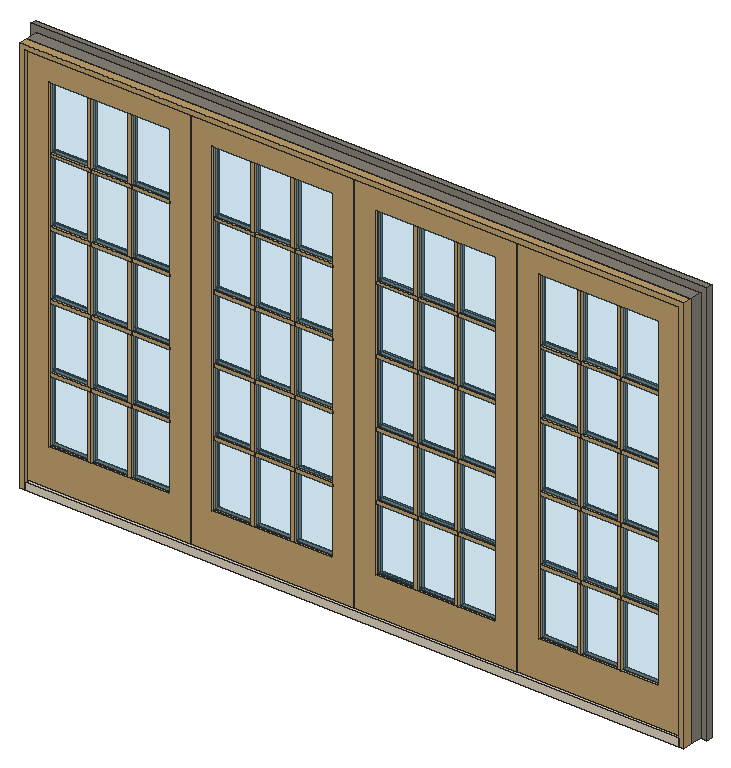
Revit family
Parameters (values of type "CUIFD12070")
  Void Offset = if(and(Casing Visibility, BMC), 0' 1 5/16", if(and(Casing Visibility, Flat Casing), 0' 3", 0' 0"))  # 0' - 1 5/16"
  URL = "www.marvin.com"
  Thickness = 0' - 1 3/4"
  Sill Material = Fiberglass_Pultrusion-Marvin-Beige
  Rough Width = Width + 0' 1"  # 12' - 0"
  Rough Height = Height + 0' 0 1/2"  # 7' - 2 1/2"
  Prairie Corner Width = 0' - 4"
  Prairie Corner Height = 0' - 4"
  Plan Swing Angle [instance] = 90.00°
  Panel Width = (Width - 0' 2 191/256") / 4  # 2' - 11.06348"
  Nominal Width = 12' - 0"
  Nominal Height = 7' - 0"
  Muntins Interior Visibility = yes
  Muntins Interior Material = Wood-Marvin-Pine
  Muntins Exterior Visibility = yes
  Muntins Exterior Material = Aluminum-Marvin-Bronze
  Model = "CUIFD12070"
  Manufacturer = "Marvin Windows and Doors"
  Lites Wide = 3
  Lites High = 5
  Lite Cut Prairie 9 = no
  Lite Cut HV Grid = not(Lite Cut Prairie 9)  # yes
  Label Visibility = no
  Jamb Extension Visibility = no
  Swing LH_RH = not(Swing Reverse LH_RH)  # yes
  Swing Reverse LH_RH = no
  OXXO Option 1 = Option Choice Constraint = 1  # yes
  XXOO_OOXX Option 2 = Option Choice Constraint = 2  # no
  OOOO Option 3 = Option Choice Constraint = 3  # no
  Note to User = "Enter Option Choice 1-3"
  Option Choice = 1
  Option Choice Constraint = if(Option Choice > 3, 3, if(Option Choice < 1, 1, Option Choice))  # 1
  Interior Material = Wood-Marvin-Pine
  Inset to Installation Flange [instance] = 0' - 1"
  Height = if(Nominal Height = 6' 6", Nominal Height + 0' 1 1/2", if(Nominal Height = 8' 0", Nominal Height - 0' 0 1/2", Nominal Height + 0' 2"))  # 7' - 2"
  Wall Closure = (empty or 0)
  Width = Nominal Width - 0' 1"  # 11' - 11"
  Glazing Material = Glass-Marvin-IG Low E II with Argon
  Glass Type = "IG Low E II with Argon"
  Function = 1
  Frame = "Aluminum Clad"
  Flat Casing Visibility = and(Casing Visibility, Flat Casing)  # no
  Family created by = "www.rbuiltcomponents.com"
  Door Type = "Clad Ultimate Inswing French Door"
  Design Pressure = "DP40"
  Description = "14484 FR DOOR"
  Daylight Area = DLO Width * DLO Height * 4  # 49.8564 SF
  DLO Width = Panel Width - 0' 9 15/32"  # 2' - 1.59473"
  DLO Height = if(Bottom Rail Traditional, Height - 1' 3 7/8", Height - 1' 0 13/32")  # 5' - 10 1/8"
  Cladding Material = Aluminum-Marvin-Bronze
  Casing Width = if(BMC, 0' 1 5/16", 0' 3")  # 0' - 1 5/16"
  Casing Visibility = yes
  Bottom Rail Traditional = not(Bottom Rail Contemporary)  # yes
  Bottom Rail Contemporary = no
  Bottom Rail = if(Bottom Rail Traditional, 0' 9 31/32", 0' 6 1/2")  # 0' - 9 31/32"
  BMC Visibility = and(Casing Visibility, BMC)  # yes
  BMC = yes
  Flat Casing = not(BMC)  # no
  Assembly Code = ""
Reference planes (in)
  plane 1 "Center (Front/Back)": y = 0
  plane 2 "Center (Left/Right)": x = 0
  plane 3 "Left": x = -71.5
  plane 4 "Right": x = 71.5
  plane 5 "Top": z = 86
  plane 6 "Exterior": y = 3
  plane 7 "Interior": y = -3
  plane 8 "Inset": y = 2
  plane 9 "Glazing": y = -0.71875
  plane 10: x = -65.57813
  plane 11: x = 30.40527
  plane 12: z = 80.0625
  plane 13: z = 9.96875
  plane 14 "Jamb Ext Face": y = -2.5625
  plane 15: x = 4.81055
  plane 16: x = -39.9834
  plane 17: x = -52.78076
  plane 18: x = 17.60791
  plane 19 "Void offset": z = 87.3125
  plane 20 "Casing": z = 87.3125
  plane 21: x = 39.9834
  plane 22: x = 65.57812
  plane 23: x = 52.78076
  plane 24: z = 43
  plane 25: x = -30.40527
  plane 26: x = -4.81055
  plane 27: x = -17.60791
  plane 28: y = -2.59375
Forms (in)
  Sweep 1, solid, material "Aluminum-Marvin-Bronze" <- "Cladding Material"
    path origin (0, -0.71875, 0) x (1, 0, 0) y (0, 0, 1)
      loop
        line (-71.5, 0) -> (-71.5, 86) -> (71.5, 86) -> (71.5, 0)
    profile "Clad_Frame : Clad_Frame" origin (-71.5, -0.71875, 43) x (-1, 0, 0) y (0, -1, 0)
      loop
        line (0, -3.8125) -> (0, 0) -> (-1.06374, 0) -> (-1.06374, -0.53244) -> (-1.77792, -0.53244)
        arc (-1.77792, -0.53244) -> (-1.63018, -1.76415) -> (-1.51551, -2.99937) r 46.27589
        line (-1.51551, -2.99937) -> (-0.93767, -2.99937) -> (-0.93767, -3.10585) -> (-0.67848, -3.10585) -> (-0.67848, -3.8125) -> (0, -3.8125)
  Sweep 2, solid, material "Wood-Marvin-Pine" <- "Interior Material"
    path origin (0, -0.71875, 0) x (1, 0, 0) y (0, 0, 1)
      loop
        line (-71.5, 0) -> (-71.5, 86) -> (71.5, 86) -> (71.5, 0)
    profile "Int_Frame : Int_Frame" origin (-71.5, -0.71875, 43) x (-1, 0, 0) y (0, -1, 0)
      loop
        line (0, 0) -> (0, 1.84375) -> (-1.06374, 1.84375) -> (-1.06374, 0) -> (0, 0)
  Sweep 3, solid, material "Fiberglass_Pultrusion-Marvin-Beige" <- "Sill Material"
    path origin (0, 2, 0) x (1, 0, 0) y (0, 0, 1)
      loop
        line (70.82152, 0) -> (-70.82152, 0)
    profile "Sill : Sill" origin (0, 2, 0) x (0, 0, -1) y (0, -1, 0)
      loop
        line (-0.5775, -1.09375) -> (0, -1.09375) -> (0, 4.5625) -> (-1.57253, 4.5625) -> (-1.3105, 2.06948) -> (-2.005, 2.06948) -> (-2.005, 1.63198) -> (-1.5375, 1.63198) -> (-1.37091, 0.04698) -> (-0.5775, 0.04698) -> (-0.5775, -1.09375)
  Extrusion 4, solid, material "Wood-Marvin-Pine" <- "Interior Material", visible <- "Jamb Extension Visibility", detail levels medium+fine
    sketch origin (0, -2.5625, 0) x (1, 0, 0) y (0, 0, 1)
      loop
        line (-71.5, 0) -> (-70.8125, 0) -> (-70.8125, 85.3125) -> (70.8125, 85.3125) -> (70.8125, 0) -> (71.5, 0) -> (71.5, 86) -> (-71.5, 86) -> (-71.5, 0)
    from 0.03125 to 0.4375
  Extrusion 5, void
    sketch origin (0, 0, 0) x (1, 0, 0) y (0, 1, 0)
      loop
        line (-71.5, 2) -> (-71.5, -3) -> (71.5, -3) -> (71.5, 2) -> (-71.5, 2)
    from 86 to 0
  Extrusion 6, void
    sketch origin (0, 0, 0) x (1, 0, 0) y (0, 1, 0)
      loop
        line (-72.8125, 3.125) -> (-72.8125, 2) -> (72.8125, 2) -> (72.8125, 3.125) -> (-72.8125, 3.125)
    from 87.3125 to 0
  Sweep 7, void
    path origin (0, -2.5625, 0) x (1, 0, 0) y (0, 0, 1)
      loop
        line (-70.8125, 1.57253) -> (-70.8125, 0)
    profile "Sill_Void : Sill_Void" origin (-70.8125, -2.5625, 0.78626) x (1, 0, 0) y (0, -1, 0)
      loop
        line (0, -4.95658) -> (0.25918, -4.95658) -> (0.25918, -4.8501) -> (0.83703, -4.8501)
        arc (0.83703, -4.8501) -> (0.9517, -3.61487) -> (1.09944, -2.38317) r 46.27589
        line (1.09944, -2.38317) -> (0.38526, -2.38317) -> (0.38526, 0.11683) -> (-0.125, 0.11683) -> (-0.125, -2.38317) -> (0, -2.38317) -> (0, -4.95658)
  Sweep 8, void
    path origin (0, -2.5625, 0) x (-1, 0, 0) y (0, 0, 1)
      loop
        line (-70.8125, 1.57253) -> (-70.8125, 0)
    profile "Sill_Void : Sill_Void" origin (70.8125, -2.5625, 0.78626) x (1, 0, 0) y (0, -1, 0)
      loop
        line (0, -4.95658) -> (0, -2.38317) -> (0.125, -2.38317) -> (0.125, 0.11683) -> (-0.38526, 0.11683) -> (-0.38526, -2.38317) -> (-1.09944, -2.38317)
        arc (-1.09944, -2.38317) -> (-0.9517, -3.61487) -> (-0.83703, -4.8501) r 46.27589
        line (-0.83703, -4.8501) -> (-0.25918, -4.8501) -> (-0.25918, -4.95658) -> (0, -4.95658)
  Sweep 9, solid, material "Aluminum-Marvin-Bronze" <- "Cladding Material"
    path origin (0, -0.71875, 0) x (1, 0, 0) y (0, 0, 1)
      loop
        line (35.2334, 2.005) -> (35.2334, 84.22208)
    profile "Mtg_Stile : Mtg_Stile" origin (35.2334, -0.71875, 43.11354) x (-1, 0, 0) y (0, -1, 0)
      loop
        line (0.71385, -0.4375) -> (-1.07915, -0.4375) -> (-0.97643, -1.4148) -> (-0.73983, -1.59299) -> (-0.62233, -2.0315) -> (0.25704, -2.0315) -> (0.37874, -1.57729) -> (0.61256, -1.4012) -> (0.71385, -0.4375)
  Sweep 10, solid, material "Aluminum-Marvin-Bronze" <- "Cladding Material"
    path origin (0, -0.71875, 0) x (-1, 0, 0) y (0, 0, 1)
      loop
        line (35.2334, 2.005) -> (35.2334, 84.22208)
    profile "Mtg_Stile : Mtg_Stile" origin (-35.2334, -0.71875, 43.11354) x (-1, 0, 0) y (0, -1, 0)
      loop
        line (-0.71385, -0.4375) -> (-0.61256, -1.4012) -> (-0.37874, -1.57729) -> (-0.25704, -2.0315) -> (0.62233, -2.0315) -> (0.73983, -1.59299) -> (0.97643, -1.4148) -> (1.07915, -0.4375) -> (-0.71385, -0.4375)
  Sweep 11, solid, material "Aluminum-Marvin-Bronze" <- "Cladding Material"
    path origin (-35.21582, -0.71875, 0) x (1, 0, 0) y (0, 0, 1)
      loop
        line (35.2334, 2.005) -> (35.2334, 84.22208)
    profile "Mtg_Stile : Mtg_Stile" origin (0.01758, -0.71875, 43.11354) x (-1, 0, 0) y (0, -1, 0)
      loop
        line (-0.96385, -0.4375) -> (-0.86256, -1.4012) -> (-0.62874, -1.57729) -> (-0.50704, -2.0315) -> (0.37233, -2.0315) -> (0.48983, -1.59299) -> (0.72643, -1.4148) -> (0.82915, -0.4375) -> (-0.96385, -0.4375)
Cuts and joins
  Sweep 7, Sweep 8 cuts Sweep 3
Lines and regions (in)
  Masking region 1
    outline origin (0, 0, 0) x (0, 1, 0) y (0, 0, 1)
      loop
        line (3.09375, 86) -> (-2.5625, 86) -> (-2.5625, 0) -> (3.09375, 0) -> (3.09375, 86)
  Masking region 2, visible <- "Jamb Extension Visibility"
    outline origin (0, 0, 0) x (1, 0, 0) y (0, 1, 0)
      loop
        line (-70.8125, -3) -> (-70.8125, -2.59375) -> (-71.5, -2.59375) -> (-71.5, -3) -> (-70.8125, -3)
  Masking region 3, visible <- "Jamb Extension Visibility"
    outline origin (0, 0, 0) x (0, 1, 0) y (-1, 0, 0)
      loop
        line (-3, -70.8125) -> (-3, -71.5) -> (-2.59375, -71.5) -> (-2.59375, -70.8125) -> (-3, -70.8125)
  Masking region 4, visible <- "Jamb Extension Visibility"
    outline origin (0, 0, 0) x (0, 1, 0) y (0, 0, 1)
      loop
        line (-2.59375, 86) -> (-3, 86) -> (-3, 0) -> (-2.59375, 0) -> (-2.59375, 86)
  symbolic lines, style "DoorsFrameMullionProjection", visible <- "Jamb Extension Visibility", detail levels coarse+medium
    curve 1: line (-71.5, -3, 0) -> (-70.8125, -3, 0)
    curve 2: line (-70.8125, -3, 0) -> (-70.8125, -2.59375, 0)
    curve 3: line (71.5, -3, 0) -> (70.8125, -3, 0)
    curve 4: line (70.8125, -3, 0) -> (70.8125, -2.59375, 0)
    curve 7: line (0, -2.59375, 85.3125) -> (0, -3, 85.3125)
    curve 8: line (0, -3, 85.3125) -> (0, -3, 86)
    curve 38: line (71.5, -3, 0) -> (71.5, -2.59375, 0)
  symbolic lines, style "Jamb Extension", visible <- "Jamb Extension Visibility", detail levels fine
    curve 5: line (0, -2.59375, 85.3125) -> (0, -3, 85.3125)
    curve 6: line (0, -3, 85.3125) -> (0, -3, 86)
  symbolic lines, style "DoorsFrameMullionProjection", detail levels coarse+medium
    curve 9: line (0, 3.09375, 86) -> (0, 3.09375, 84.93626)
    curve 10: line (0, 3.09375, 84.93626) -> (0, -2.5625, 84.93626)
    curve 11: line (0, -2.5625, 84.93626) -> (0, -2.5625, 86)
    curve 20: line (0, -0.28125, 80.0625) -> (0, -0.28125, 9.96875)
    curve 21: line (0, -2.03125, 80.0625) -> (0, -2.03125, 9.96875)
    curve 22: line (0, 3.09375, 0.5775) -> (0, 1.95302, 0.5775)
    curve 23: line (0, 1.95302, 1.625) -> (0, 1.95302, 0.5775)
    curve 24: line (0, 1.95302, 1.625) -> (0, -2.56948, 1.625)
    curve 25: line (0, -2.56948, 0) -> (0, -2.56948, 1.625)
    curve 26: line (0, 3.09375, 0) -> (0, 3.09375, 0.5775)
    curve 27: line (0, 3.09375, 0) -> (0, -2.56948, 0)
    curve 30: line (-71.5, -2.59375, 0) -> (-71.5, -3, 0)
    curve 31: line (0, 3.09375, 86) -> (0, -3, 86)
  symbolic lines, style "DoorsPanelProjection", detail levels coarse+medium
    curve 12: line (0, -0.28125, 80.0625) -> (0, -0.28125, 84.93626)
    curve 13: line (0, -2.03125, 80.0625) -> (0, -0.28125, 80.0625)
    curve 14: line (0, -2.03125, 84.93626) -> (0, -2.03125, 80.0625)
    curve 15: line (0, -0.28125, 9.96875) -> (0, -2.03125, 9.96875)
    curve 16: line (0, -0.28125, 1.8125) -> (0, -0.28125, 9.96875)
    curve 17: line (0, -2.03125, 1.8125) -> (0, -0.28125, 1.8125)
    curve 18: line (0, -2.03125, 9.96875) -> (0, -2.03125, 1.8125)
  symbolic lines, style "DoorsGlassProjection", detail levels coarse+medium
    curve 19: line (0, -1.15625, 9.96875) -> (0, -1.15625, 80.0625)
  symbolic lines, style "Elevation Swing", visible <- "XXOO_OOXX Option 2"
    curve 28: line (35.15527, -0.71875, 1.8125) -> (0.06055, -0.71875, 43)
    curve 29: line (0.06055, -0.71875, 43) -> (35.15527, -0.71875, 84.8125)
    curve 34: line (35.2334, 2, 1.8125) -> (70.32812, 2, 43)
    curve 35: line (70.32812, 2, 43) -> (35.2334, 2, 84.8125)
  symbolic lines, style "Elevation Swing", visible <- "OXXO Option 1"
    curve 32: line (0, -0.71875, 1.74144) -> (35.15527, -0.71875, 43)
    curve 33: line (35.15527, -0.71875, 43) -> (0, -0.71875, 84.88464)
    curve 36: line (0, -0.71875, 1.74144) -> (-35.15527, -0.71875, 43)
    curve 37: line (-35.15527, -0.71875, 43) -> (0, -0.71875, 84.88464)
Text (in)
  text "Exterior" at (-74.96733, 27.31104, 0), in view "Ref. Level"
  text "Interior" at (-74.96733, -25.14366, 0), in view "Ref. Level"
  text "Exterior" at (0, 40.15149, 123.01588), in view "Right"
  text "Interior" at (0, -64.39139, 123.01588), in view "Right"
  text "Interior" at (0, -31.01599, 123.00693), in view "Left"
  text "Exterior" at (0, 54.57065, 123.00693), in view "Left"
Dimensions and locks (in)
  equal spacing: plane 3 "Left", plane 2 "Center (Left/Right)", plane 4 "Right"
  "Height": level to plane 5 "Top"
  locked: plane 3 "Left" to plane 10 at 5.92188
  locked: plane 12 to plane 5 "Top" at 5.9375
  "Bottom Rail": level to plane 13
  locked: Extrusion 4 sketch curve to plane 4 "Right" at 0.6875
  locked: plane 3 "Left" to Extrusion 4 sketch curve at 0.6875
  locked: plane 5 "Top" to Extrusion 4 sketch curve at 0.6875
  locked: nested 3 to plane 9 "Glazing" at 0.8125
  "Inset to Installation Flange": host wall to plane 8 "Inset"
  locked: plane 9 "Glazing" to plane 8 "Inset" at 2.71875
  locked: plane 14 "Jamb Ext Face" to plane 8 "Inset" at 4.5625
  locked: nested 4 to host wall at 12
  equal spacing: plane 16, plane 17, plane 10
  "Void Offset": plane 19 "Void offset" to plane 5 "Top"
  "Casing Width": plane 20 "Casing" to plane 5 "Top"
  locked: Extrusion 6 sketch curve to host wall at 0.125
  "Void Offset": Extrusion 6 sketch curve to plane 3 "Left"
  "Void Offset": plane 4 "Right" to Extrusion 6 sketch curve
  locked: level to curve 24 at 1.625
  "Width": plane 3 "Left" to plane 4 "Right"
  locked: plane 11 to plane 21 at 9.57813
  locked: plane 22 to plane 4 "Right" at 5.92188
  equal spacing: plane 22, plane 23, plane 21
  "DLO Width": plane 22 to plane 21
  "DLO Width": plane 16 to plane 10
  equal spacing: level, plane 24, plane 5 "Top"
  locked: plane 3 "Left" to Sweep 7 sketch curve at 0.6875
  locked: Sweep 8 sketch curve to plane 4 "Right" at 0.6875
  locked: Sweep 8 sketch curve to level at 1.57253
  "DLO Width": plane 15 to plane 11
  equal spacing: plane 15, plane 18, plane 11
  "DLO Width": plane 26 to plane 25
  equal spacing: plane 26, plane 27, plane 25
  locked: plane 25 to plane 16 at 9.57813
  locked: plane 9 "Glazing" to nested 12 at 0.8125
  locked: plane 28 to plane 14 "Jamb Ext Face" at 0.03125
  locked: Sweep 9 sketch curve to plane 21 at 4.75
  locked: plane 15 to Sweep 11 sketch curve at 4.79297
  locked: Sweep 10 sketch curve to plane 16 at 4.75
  aligned and locked: plane 6 "Exterior" to host wall
  aligned and locked: plane 7 "Interior" to host wall
  aligned and locked: plane 3 "Left" to Sweep 1 sketch curve
  aligned and locked: level to Sweep 1 sketch curve  (x2)
  aligned and locked: Sweep 1 sketch curve to plane 5 "Top"
  aligned and locked: Sweep 1 sketch curve to plane 4 "Right"
  aligned and locked: plane 3 "Left" to Sweep 2 sketch curve
  aligned and locked: level to Sweep 2 sketch curve  (x2)
  aligned and locked: Sweep 2 sketch curve to plane 5 "Top"
  aligned and locked: Sweep 2 sketch curve to plane 4 "Right"
  aligned and locked: level to nested 1
  aligned and locked: nested 1 to plane 8 "Inset"
  aligned and locked: Sweep 3 sketch curve to level
  aligned and locked: Extrusion 4 sketch curve to plane 3 "Left"
  aligned and locked: plane 5 "Top" to Extrusion 4 sketch curve
  aligned and locked: plane 4 "Right" to Extrusion 4 sketch curve
  aligned and locked: level to Extrusion 4 sketch curve  (x2)
  aligned and locked: Sweep 1 to Extrusion 4 sketch curve
  aligned and locked: host wall to Extrusion 4
  aligned and locked: plane 9 "Glazing" to nested 2
  aligned and locked: plane 12 to nested 2
  aligned and locked: nested 3 to plane 12
  aligned and locked: plane 3 "Left" to curve 1
  aligned and locked: curve 1 to Extrusion 4
  aligned and locked: plane 4 "Right" to curve 3
  aligned and locked: curve 4 to Extrusion 4
  aligned and locked: curve 3 to Extrusion 4
  aligned and locked: Extrusion 4 to curve 5
  aligned and locked: Extrusion 4 to curve 6
  aligned and locked: plane 5 "Top" to curve 8
  aligned and locked: Extrusion 4 to curve 7
  aligned and locked: plane 14 "Jamb Ext Face" to curve 11
  aligned and locked: curve 10 to Sweep 2
  aligned and locked: curve 13 to plane 12
  aligned and locked: curve 15 to plane 13
  aligned and locked: curve 13 to curve 19
  aligned and locked: curve 15 to curve 19
  aligned and locked: plane 5 "Top" to Masking region 1 sketch curve
  aligned and locked: level to Masking region 1 sketch curve
  aligned and locked: plane 2 "Center (Left/Right)" to nested 4
  aligned and locked: curve 23 to nested 1
  aligned and locked: curve 25 to nested 1
  aligned and locked: plane 18 to nested 2
  aligned and locked: nested 3 to plane 18
  aligned and locked: nested 5 to plane 17
  aligned and locked: nested 5 to plane 12
  aligned and locked: plane 17 to nested 6
  aligned and locked: plane 12 to nested 6
  aligned and locked: nested 5 to plane 9 "Glazing"
  aligned and locked: nested 3 to nested 6
  aligned and locked: Masking region 1 sketch curve to Sweep 1
  aligned and locked: curve 9 to Sweep 1
  aligned and locked: Sweep 3 sketch curve to Sweep 1
  aligned and locked: Sweep 1 to Sweep 3 sketch curve
  aligned and locked: plane 3 "Left" to curve 30
  aligned and locked: curve 31 to plane 5 "Top"
  aligned and locked: host wall to curve 31
  aligned and locked: plane 8 "Inset" to Extrusion 5 sketch curve
  aligned and locked: Extrusion 5 sketch curve to host wall
  aligned and locked: Extrusion 5 sketch curve to plane 3 "Left"
  aligned and locked: plane 4 "Right" to Extrusion 5 sketch curve
  aligned and locked: Extrusion 5 to plane 5 "Top"
  aligned and locked: Extrusion 5 to level
  aligned and locked: Extrusion 6 sketch curve to plane 8 "Inset"
  aligned and locked: Extrusion 6 to plane 19 "Void offset"
  aligned and locked: Extrusion 6 to level
  aligned and locked: Masking region 2 sketch curve to Extrusion 4
  aligned and locked: Masking region 2 sketch curve to plane 3 "Left"
  aligned and locked: Masking region 2 sketch curve to plane 7 "Interior"
  aligned and locked: Masking region 3 sketch curve to plane 4 "Right"
  aligned and locked: Masking region 3 sketch curve to Extrusion 4
  aligned and locked: plane 7 "Interior" to Masking region 3 sketch curve
  aligned and locked: plane 2 "Center (Left/Right)" to nested 7
  aligned and locked: plane 8 "Inset" to nested 7
  aligned and locked: level to nested 7
  aligned and locked: curve 26 to Sweep 1
  aligned and locked: curve 22 to Sweep 3
  aligned and locked: nested 8 to plane 8 "Inset"
  aligned and locked: plane 23 to nested 9
  aligned and locked: plane 12 to nested 9
  aligned and locked: plane 9 "Glazing" to nested 9
  aligned and locked: nested 10 to plane 23
  aligned and locked: nested 10 to plane 12
  aligned and locked: plane 24 to curve 28
  aligned and locked: plane 24 to curve 32
  aligned and locked: plane 24 to curve 34
  aligned and locked: nested 8 to plane 2 "Center (Left/Right)"
  aligned and locked: Sweep 3 to Sweep 7 sketch curve
  aligned and locked: level to Sweep 7 sketch curve
  aligned and locked: level to Sweep 8 sketch curve
  aligned and locked: nested 11 to plane 27
  aligned and locked: plane 12 to nested 11
  aligned and locked: plane 9 "Glazing" to nested 11
  aligned and locked: plane 27 to nested 12
  aligned and locked: plane 12 to nested 12
  aligned and locked: Extrusion 4 to plane 28
  aligned and locked: plane 28 to Masking region 2 sketch curve
  aligned and locked: plane 28 to curve 30
  aligned and locked: plane 28 to curve 2
  aligned and locked: Masking region 3 sketch curve to plane 28
  aligned and locked: plane 28 to curve 4
  aligned and locked: plane 28 to curve 38
  aligned and locked: plane 28 to curve 5
  aligned and locked: plane 28 to curve 7
  aligned and locked: Masking region 1 sketch curve to plane 14 "Jamb Ext Face"
  aligned and locked: plane 5 "Top" to Masking region 4 sketch curve
  aligned and locked: level to Masking region 4 sketch curve
  aligned and locked: plane 28 to Masking region 4 sketch curve
  aligned and locked: Masking region 4 sketch curve to host wall
  aligned and locked: nested 13 to plane 12
  aligned and locked: plane 17 to nested 13
  aligned and locked: plane 27 to nested 14
  aligned and locked: plane 12 to nested 14
  aligned and locked: nested 16 to plane 18
  aligned and locked: nested 15 to plane 23
  aligned and locked: plane 12 to nested 15
  aligned and locked: nested 16 to plane 12
  aligned and locked: plane 9 "Glazing" to nested 13
  aligned and locked: nested 14 to plane 9 "Glazing"
  aligned and locked: plane 9 "Glazing" to nested 16
  aligned and locked: nested 15 to plane 9 "Glazing"
  aligned and locked: Sweep 1 to Sweep 9 sketch curve
  aligned and locked: cut or joined group of Sweep 3, Sweep 7, Sweep 8 to Sweep 9 sketch curve
  aligned and locked: Sweep 1 to Sweep 11 sketch curve
  aligned and locked: cut or joined group of Sweep 3, Sweep 7, Sweep 8 to Sweep 11 sketch curve
  aligned and locked: Sweep 1 to Sweep 10 sketch curve
  aligned and locked: cut or joined group of Sweep 3, Sweep 7, Sweep 8 to Sweep 10 sketch curve
  aligned and locked: nested 3 to nested 10
  aligned and locked: curve 12 to nested 1
  aligned and locked: curve 14 to nested 1
Automatic sketch dimensions
  curve 27 to level = 0' - 0"
  plane 9 "Glazing" to curve 19 = 0' - 0 7/16"
  level to curve 17 = 0' - 1 13/16"
  curve 1 to curve 1 = 0' - 0 11/16"
  curve 36 to plane 24 = 0' - 0"
  curve 36 to plane 2 "Center (Left/Right)" = 0' - 0"
  curve 33 to plane 2 "Center (Left/Right)" = 0' - 0"
  curve 37 to plane 25 = 0' - 4 3/4"
  plane 2 "Center (Left/Right)" to curve 29 = 0' - 0.06055"
  plane 5 "Top" to curve 29 = 0' - 1 3/16"
  curve 29 to plane 11 = 0' - 4 3/4"
  curve 32 to plane 11 = 0' - 4 3/4"
  level to curve 28 = 0' - 1 13/16"
  curve 28 to plane 11 = 0' - 4 3/4"
  level to curve 36 = 0' - 1.74144"
  plane 5 "Top" to curve 37 = 0' - 1.11536"
  plane 5 "Top" to curve 35 = 0' - 1 3/16"
  plane 21 to curve 35 = 0' - 4 3/4"
  level to curve 34 = 0' - 1 13/16"
  plane 21 to curve 34 = 0' - 4 3/4"
  plane 4 "Right" to curve 35 = 0' - 1 11/64"
Nested families (in)
  nested 1: "Door_Section_Detail" at (0, 2, 0) x (0, -1, 0) z (1, 0, 0), type "Door_Section_Detail", detail levels fine
  nested 2: "Muntins" at (17.60791, -0.71875, -26.0625), visible <- "Muntins Exterior Visibility", Muntin Material <- "Muntins Exterior Material", type "Muntins"
    with Muntin Material Aluminum-Marvin-Bronze, GlazingWidth 2' - 1.59473", GlazingHeight 5' - 10 1/8", Width 2' - 2.03223", LitesVertical 5, HorizontalMuntins 4, Height 5' - 10 9/16", Inset Vert 0' - 8.30241", Inset Horiz 1' - 1.7375"
  nested 3: "Muntins" at (17.60791, -1.53125, -26.0625), Muntin Material <- "Muntins Interior Material", visible <- "Muntins Interior Visibility", type "Muntins"
    with Muntin Material Wood-Marvin-Pine, GlazingWidth 2' - 1.59473", GlazingHeight 5' - 10 1/8", Width 2' - 2.03223", LitesVertical 5, HorizontalMuntins 4, Height 5' - 10 9/16", Inset Vert 0' - 8.30241", Inset Horiz 1' - 1.7375"
  nested 4: "Label Annotation 1-16 w5" at (0, 15, 0), visible <- "Label Visibility", type "Label Annotation 1-16 w5"
  nested 5: "Muntins" at (-52.78076, -0.71875, -26.0625) x (-1, 0, 0) z (0, 0, 1), visible <- "Muntins Exterior Visibility", Muntin Material <- "Muntins Exterior Material", type "Muntins"
    with Muntin Material Aluminum-Marvin-Bronze, GlazingWidth 2' - 1.59473", GlazingHeight 5' - 10 1/8", Width 2' - 2.03223", LitesVertical 5, HorizontalMuntins 4, Height 5' - 10 9/16", Inset Vert 0' - 8.30241", Inset Horiz 1' - 1.7375"
  nested 6: "Muntins" at (-52.78076, -1.53125, -26.0625) x (-1, 0, 0) z (0, 0, 1), Muntin Material <- "Muntins Interior Material", visible <- "Muntins Interior Visibility", type "Muntins"
    with Muntin Material Wood-Marvin-Pine, GlazingWidth 2' - 1.59473", GlazingHeight 5' - 10 1/8", Width 2' - 2.03223", LitesVertical 5, HorizontalMuntins 4, Height 5' - 10 9/16", Inset Vert 0' - 8.30241", Inset Horiz 1' - 1.7375"
  nested 7: "Casing_Clad" at (0, 2, 0), visible <- "Casing Visibility", type "Casing_Clad"
    with Width 11' - 11", Height 7' - 2"
  nested 8: "Door_Plan_Detail" at (-49.43652, -1.9375, 0) x (-1, 0, 0) z (0, 0, 1), type "Door_Plan_Detail"
  nested 9: "Muntins" at (52.78076, -0.71875, -26.0625), visible <- "Muntins Exterior Visibility", Muntin Material <- "Muntins Exterior Material", type "Muntins"
    with Muntin Material Aluminum-Marvin-Bronze, GlazingWidth 2' - 1.59473", GlazingHeight 5' - 10 1/8", Width 2' - 2.03223", LitesVertical 5, HorizontalMuntins 4, Height 5' - 10 9/16", Inset Vert 0' - 8.30241", Inset Horiz 1' - 1.7375"
  nested 10: "Muntins" at (52.78076, -1.53125, -26.0625), Muntin Material <- "Muntins Interior Material", visible <- "Muntins Interior Visibility", type "Muntins"
    with Muntin Material Wood-Marvin-Pine, GlazingWidth 2' - 1.59473", GlazingHeight 5' - 10 1/8", Width 2' - 2.03223", LitesVertical 5, HorizontalMuntins 4, Height 5' - 10 9/16", Inset Vert 0' - 8.30241", Inset Horiz 1' - 1.7375"
  nested 11: "Muntins" at (-17.60791, -0.71875, -26.0625), visible <- "Muntins Exterior Visibility", Muntin Material <- "Muntins Exterior Material", type "Muntins"
    with Muntin Material Aluminum-Marvin-Bronze, GlazingWidth 2' - 1.59473", GlazingHeight 5' - 10 1/8", Width 2' - 2.03223", LitesVertical 5, HorizontalMuntins 4, Height 5' - 10 9/16", Inset Vert 0' - 8.30241", Inset Horiz 1' - 1.7375"
  nested 12: "Muntins" at (-17.60791, -1.53125, -26.0625) x (-1, 0, 0) z (0, 0, 1), Muntin Material <- "Muntins Interior Material", visible <- "Muntins Interior Visibility", type "Muntins"
    with Muntin Material Wood-Marvin-Pine, GlazingWidth 2' - 1.59473", GlazingHeight 5' - 10 1/8", Width 2' - 2.03223", LitesVertical 5, HorizontalMuntins 4, Height 5' - 10 9/16", Inset Vert 0' - 8.30241", Inset Horiz 1' - 1.7375"
  nested 13: "Panel" at (-52.78076, -0.71875, 1.84375), type "Panel"
    with Width 2' - 11.09473", Height 6' - 10 31/32", Function 1, DLO Width 2' - 1.59473", DLO Height 5' - 10 1/8"
  nested 14: "Panel" at (-17.60791, -0.71875, 1.84375) x (-1, 0, 0) z (0, 0, 1), type "Panel"
    with Width 2' - 11.09473", Height 6' - 10 31/32", Function 1, DLO Width 2' - 1.59473", DLO Height 5' - 10 1/8"
  nested 15: "Panel" at (52.78076, -0.71875, 1.84375) x (-1, 0, 0) z (0, 0, 1), type "Panel"
    with Width 2' - 11.09473", Height 6' - 10 31/32", Function 1, DLO Width 2' - 1.59473", DLO Height 5' - 10 1/8"
  nested 16: "Panel" at (17.60791, -0.71875, 1.84375), type "Panel"
    with Width 2' - 11.09473", Height 6' - 10 31/32", Function 1, DLO Width 2' - 1.59473", DLO Height 5' - 10 1/8"
Definition of nested family "Muntins"
  Parameters (values of type "Muntins")
    PrairieMuntVisible = no
    Prairie Corner Width = 0' - 4"
    Prairie Corner Height = 0' - 4"
    Muntin Extension = 0' - 0 7/16"
    GridMuntVisible = yes
    GlazingWidth = 2' - 0"
    GlazingHeight = 2' - 11 1/8"
    Width = GlazingWidth + Muntin Extension  # 2' - 0 7/16"
    VerticalMuntins = if(LitesHorizontal < 3, 2, LitesHorizontal - 1)  # 2
    VertMuntVisible = and(GridMuntVisible, LitesHorizontal > 2)  # yes
    MuntinWidth = 0' - 0 3/4"
    MuntinDepth [instance] = 0' - 0 3/8"
    Muntin Material [instance] = none
    LitesVertical = 3
    LitesHorizontal = 3
    HorizontalMuntins = if(LitesVertical < 3, 2, LitesVertical - 1)  # 2
    HorizMuntVisible = and(GridMuntVisible, LitesVertical > 2)  # yes
    Height = GlazingHeight + Muntin Extension  # 2' - 11 9/16"
    Inset Vert = if(LitesHorizontal < 3, (Width / 3) - (MuntinWidth / 2), (Width / LitesHorizontal) - (MuntinWidth / 2))  # 0' - 7.77083"
    Inset Horiz = if(LitesVertical < 3, (Height / 3) - (MuntinWidth / 2), (Height / LitesVertical) - (MuntinWidth / 2))  # 0' - 11.47917"
    CenterMuntinVertical = and(GridMuntVisible, LitesHorizontal = 2)  # no
    CenterMuntinHorizontal = and(GridMuntVisible, LitesVertical = 2)  # no
    Assembly Code = ""
  Reference planes (in)
    plane 1 "Center (Front/Back)": y = 0
    plane 2: z = 0
    plane 3 "Center (Left/Right)": x = 0
    plane 4: z = 35.78125
    plane 5: z = 53.5625
    plane 6: z = 71.34375
    plane 7: z = 59.86458
    plane 8: z = 47.26042
    plane 9: z = 71.125
    plane 10: z = 36
    plane 11: x = -12
    plane 12: x = 12
    plane 13: x = -4.44792
    plane 14: x = -12.21875
    plane 15: x = 12.21875
    plane 16: x = 4.44792
    plane 17: z = 67.125
    plane 18: z = 40
    plane 19: x = -8
    plane 20: x = 8
  Forms (in)
    Extrusion 1, solid, material <- "Muntin Material", visible <- "CenterMuntinVertical", detail levels medium+fine
      sketch origin (9, 0, 0) x (1, 0, 0) y (0, 0, 1)
        loop
          line (-9.375, 71.34375) -> (-9.375, 35.78125) -> (-8.625, 35.78125) -> (-8.625, 71.34375) -> (-9.375, 71.34375)
      from 0 to 0.375 <- "MuntinDepth"
    Extrusion 2, solid, material <- "Muntin Material", visible <- "CenterMuntinHorizontal", detail levels medium+fine
      sketch origin (-0.0013, 0, 14.6875) x (1, 0, 0) y (0, 0, 1)
        loop
          line (-12.21745, 39.25) -> (-12.21745, 38.5) -> (12.22005, 38.5) -> (12.22005, 39.25) -> (-12.21745, 39.25)
      from 0 to 0.375 <- "MuntinDepth"
    Extrusion 3, solid, material <- "Muntin Material", visible <- "VertMuntVisible", detail levels medium+fine
      sketch origin (4.92708, 0, -2.90625) x (1, 0, 0) y (0, 0, 1)
        loop
          line (-9.375, 74.25) -> (-9.375, 38.6875) -> (-8.625, 38.6875) -> (-8.625, 74.25) -> (-9.375, 74.25)
      from 0 to 0.375 <- "MuntinDepth"
    Extrusion 4, solid, material <- "Muntin Material", visible <- "HorizMuntVisible", detail levels medium+fine
      sketch origin (-3.09635, 0, 14.17708) x (1, 0, 0) y (0, 0, 1)
        loop
          line (-9.1224, 45.6875) -> (-9.1224, 44.9375) -> (15.3151, 44.9375) -> (15.3151, 45.6875) -> (-9.1224, 45.6875)
      from 0 to 0.375 <- "MuntinDepth"
    Extrusion 5, solid, material <- "Muntin Material", visible <- "HorizMuntVisible", detail levels medium+fine
      sketch origin (-3.09635, 0, 2.32292) x (1, 0, 0) y (0, 0, 1)
        loop
          line (-9.1224, 45.6875) -> (-9.1224, 44.9375) -> (15.3151, 44.9375) -> (15.3151, 45.6875) -> (-9.1224, 45.6875)
      from 0 to 0.375 <- "MuntinDepth"
    Extrusion 6, solid, material <- "Muntin Material", visible <- "VertMuntVisible", detail levels medium+fine
      sketch origin (13.07292, 0, -2.90625) x (1, 0, 0) y (0, 0, 1)
        loop
          line (-9.375, 74.25) -> (-9.375, 38.6875) -> (-8.625, 38.6875) -> (-8.625, 74.25) -> (-9.375, 74.25)
      from 0 to 0.375 <- "MuntinDepth"
    Extrusion 7, solid, material <- "Muntin Material", visible <- "PrairieMuntVisible", detail levels medium+fine
      sketch origin (1, 0, 0) x (1, 0, 0) y (0, 0, 1)
        loop
          line (-9, 71.34375) -> (-9, 35.78125) -> (-8.25, 35.78125) -> (-8.25, 71.34375) -> (-9, 71.34375)
      from 0 to 0.375 <- "MuntinDepth"
    Extrusion 8, solid, material <- "Muntin Material", visible <- "PrairieMuntVisible", detail levels medium+fine
      sketch origin (17, 0, 0) x (1, 0, 0) y (0, 0, 1)
        loop
          line (-9.75, 71.34375) -> (-9.75, 35.78125) -> (-9, 35.78125) -> (-9, 71.34375) -> (-9.75, 71.34375)
      from 0 to 0.375 <- "MuntinDepth"
    Extrusion 9, solid, material <- "Muntin Material", visible <- "PrairieMuntVisible", detail levels medium+fine
      sketch origin (-0.0013, 0, 28.25) x (1, 0, 0) y (0, 0, 1)
        loop
          line (-12.21745, 38.875) -> (-12.21745, 38.125) -> (12.22005, 38.125) -> (12.22005, 38.875) -> (-12.21745, 38.875)
      from 0 to 0.375 <- "MuntinDepth"
    Extrusion 10, solid, material <- "Muntin Material", visible <- "PrairieMuntVisible", detail levels medium+fine
      sketch origin (-0.0013, 0, 1.125) x (1, 0, 0) y (0, 0, 1)
        loop
          line (-12.21745, 39.625) -> (-12.21745, 38.875) -> (12.22005, 38.875) -> (12.22005, 39.625) -> (-12.21745, 39.625)
      from 0 to 0.375 <- "MuntinDepth"
  Cuts and joins
    joined: Extrusion 7, Extrusion 8, Extrusion 9, Extrusion 10
  Lines and regions (in)
    model lines, style "Muntins", visible <- "CenterMuntinHorizontal", detail levels coarse
      curve 1: line (-12.21875, 0, 53.5625) -> (12.21875, 0, 53.5625)
    model lines, style "Muntins", visible <- "HorizMuntVisible", detail levels coarse
      curve 2: line (-12.21875, 0, 59.48958) -> (12.21875, 0, 59.48958)
      curve 3: line (-12.21875, 0, 47.63542) -> (12.21875, 0, 47.63542)
    model lines, style "Muntins", visible <- "CenterMuntinVertical", detail levels coarse
      curve 4: line (0, 0, 71.34375) -> (0, 0, 35.78125)
    model lines, style "Muntins", visible <- "VertMuntVisible", detail levels coarse
      curve 5: line (-4.07292, 0, 71.34375) -> (-4.07292, 0, 35.78125)
      curve 6: line (4.07292, 0, 71.34375) -> (4.07292, 0, 35.78125)
    model lines, style "Muntins", visible <- "PrairieMuntVisible", detail levels coarse
      curve 7: line (-12.21875, 0, 66.75) -> (12.21875, 0, 66.75)
      curve 8: line (-12.21875, 0, 40.375) -> (12.21875, 0, 40.375)
      curve 9: line (-7.625, 0, 35.78125) -> (-7.625, 0, 71.34375)
      curve 10: line (7.625, 0, 35.78125) -> (7.625, 0, 71.34375)
  Dimensions and locks (in)
    "Inset Horiz": plane 6 to plane 7
    "Inset Horiz": plane 8 to plane 4
    equal spacing: plane 6, plane 5, plane 4
    "Height": plane 6 to plane 4
    "GlazingHeight": plane 9 to plane 10
    equal spacing: plane 9, plane 5, plane 10
    "GlazingWidth": plane 12 to plane 11
    equal spacing: plane 12, plane 3 "Center (Left/Right)", plane 11
    "MuntinWidth": Extrusion 1 sketch curve to Extrusion 1 sketch curve
    "Height": Extrusion 1 sketch curve to Extrusion 1 sketch curve
    "MuntinWidth": Extrusion 2 sketch curve to Extrusion 2 sketch curve
    "Width": Extrusion 2 sketch curve to Extrusion 2 sketch curve
    "MuntinWidth": Extrusion 3 sketch curve to Extrusion 3 sketch curve
    "Height": Extrusion 3 sketch curve to Extrusion 3 sketch curve
    "Width": plane 15 to plane 14
    equal spacing: plane 15, plane 3 "Center (Left/Right)", plane 14
    "Inset Vert": plane 13 to plane 14
    "Inset Vert": plane 15 to plane 16
    "MuntinWidth": Extrusion 4 sketch curve to Extrusion 4 sketch curve
    "Width": Extrusion 4 sketch curve to Extrusion 4 sketch curve
    "MuntinWidth": Extrusion 5 sketch curve to Extrusion 5 sketch curve
    "Width": Extrusion 5 sketch curve to Extrusion 5 sketch curve
    group 2 to group 3 = 0' - 0"  (x2)
    group 3 to group 2 = 0' - 11.85417"
    "MuntinWidth": Extrusion 6 sketch curve to Extrusion 6 sketch curve
    "Height": Extrusion 6 sketch curve to Extrusion 6 sketch curve
    group 4 to group 5 = 0' - 8.14583"
    group 4 to group 5 = 0' - 0"  (x2)
    "Prairie Corner Width": plane 19 to plane 11
    "Prairie Corner Width": plane 20 to plane 12
    "Prairie Corner Height": plane 9 to plane 17
    "Prairie Corner Height": plane 18 to plane 10
    "MuntinWidth": Extrusion 7 sketch curve to Extrusion 7 sketch curve
    "Height": Extrusion 7 sketch curve to Extrusion 7 sketch curve
    "MuntinWidth": Extrusion 8 sketch curve to Extrusion 8 sketch curve
    "Height": Extrusion 8 sketch curve to Extrusion 8 sketch curve
    "MuntinWidth": Extrusion 9 sketch curve to Extrusion 9 sketch curve
    "Width": Extrusion 9 sketch curve to Extrusion 9 sketch curve
    "MuntinWidth": Extrusion 10 sketch curve to Extrusion 10 sketch curve
    "Width": Extrusion 10 sketch curve to Extrusion 10 sketch curve
    aligned and locked: plane 6 to Extrusion 1  (x2)
    aligned and locked: Extrusion 1 to plane 4  (x3)
    aligned and locked: Extrusion 3 to plane 13  (x5)
    aligned and locked: Extrusion 3 to plane 4  (x3)
    aligned and locked: Extrusion 2 to plane 14
    aligned and locked: plane 15 to Extrusion 2
    aligned and locked: plane 6 to Extrusion 3
    aligned and locked: plane 7 to Extrusion 4
    aligned and locked: Extrusion 4 to plane 14
    aligned and locked: plane 15 to Extrusion 4
    aligned and locked: curve 1 to plane 5
    aligned and locked: plane 14 to curve 1
    aligned and locked: plane 15 to curve 1
    aligned and locked: Extrusion 5 to plane 14
    aligned and locked: Extrusion 5 to plane 8
    aligned and locked: plane 15 to Extrusion 5
    aligned and locked: Extrusion 5 to curve 3  (x2)
    aligned and locked: Extrusion 4 to curve 2  (x2)
    aligned and locked: curve 4 to plane 3 "Center (Left/Right)"
    aligned and locked: Extrusion 1 to curve 4  (x2)
    aligned and locked: Extrusion 3 to curve 5  (x2)
    aligned and locked: Extrusion 6 to curve 6  (x2)
    aligned and locked: Extrusion 6 to plane 16
    aligned and locked: plane 6 to Extrusion 6
    aligned and locked: plane 6 to curve 6
    aligned and locked: Extrusion 6 to plane 4
    aligned and locked: plane 4 to curve 6
    aligned and locked: cut or joined group of Extrusion 7, Extrusion 8, Extrusion 9, Extrusion 10 to plane 19
    aligned and locked: plane 20 to cut or joined group of Extrusion 7, Extrusion 8, Extrusion 9, Extrusion 10
    aligned and locked: plane 17 to cut or joined group of Extrusion 7, Extrusion 8, Extrusion 9, Extrusion 10
    aligned and locked: cut or joined group of Extrusion 7, Extrusion 8, Extrusion 9, Extrusion 10 to plane 18
    aligned and locked: cut or joined group of Extrusion 7, Extrusion 8, Extrusion 9, Extrusion 10 to curve 7  (x2)
    aligned and locked: cut or joined group of Extrusion 7, Extrusion 8, Extrusion 9, Extrusion 10 to curve 8  (x2)
    aligned and locked: cut or joined group of Extrusion 7, Extrusion 8, Extrusion 9, Extrusion 10 to curve 9  (x2)
    aligned and locked: cut or joined group of Extrusion 7, Extrusion 8, Extrusion 9, Extrusion 10 to curve 10  (x2)
  Automatic sketch dimensions
    Extrusion 1 sketch curve to plane 4 = 0' - 0"
    Extrusion 1 sketch curve to plane 3 "Center (Left/Right)" = 0' - 0 3/8"
    Extrusion 2 sketch curve to plane 14 = 0' - 0"
    Extrusion 2 sketch curve to plane 5 = 0' - 0 3/8"
    Extrusion 7 sketch curve to plane 4 = 0' - 0"
    Extrusion 7 sketch curve to plane 19 = 0' - 0"
    Extrusion 8 sketch curve to plane 4 = 0' - 0"
    Extrusion 8 sketch curve to plane 20 = 0' - 0 3/4"
    Extrusion 9 sketch curve to plane 14 = 0' - 0"
    Extrusion 9 sketch curve to plane 17 = 0' - 0 3/4"
    Extrusion 10 sketch curve to plane 14 = 0' - 0"
    Extrusion 10 sketch curve to plane 18 = 0' - 0"
    plane 19 to curve 9 = 0' - 0 3/8"
    curve 10 to plane 20 = 0' - 0 3/8"
    plane 18 to curve 8 = 0' - 0 3/8"
    curve 7 to plane 17 = 0' - 0 3/8"
Definition of nested family "Casing_Clad"
  Parameters (values of type "Casing_Clad")
    Width = 16' - 0"
    Height = 12' - 0"
    Flat Casing Visibility = no
    Cladding Finish = Aluminum-Marvin-Bronze
    BMC Visibility = yes
    Assembly Code = ""
  Reference planes (in)
    plane 1 "Center (Front/Back)": y = 0
    plane 2: z = 0
    plane 3 "Center (Left/Right)": x = 0
    plane 4: z = 144
    plane 5: x = -96
    plane 6: x = 96
  Forms (in)
    Sweep 1, solid, material "Aluminum-Marvin-Bronze" <- "Cladding Finish", visible <- "BMC Visibility"
      path origin (0, 0, 0) x (1, 0, 0) y (0, 0, 1)
        loop
          line (-96, 0) -> (-96, 144) -> (96, 144) -> (96, 0)
      profile "BMC_Clad : BMC_Clad" origin (96, 0, 72) x (1, 0, 0) y (0, -1, 0)
        loop
          line (0.71589, -1.25) -> (1.3125, -1.25) -> (1.3125, 0) -> (0, 0) -> (0, -1.09375) -> (0.38081, -1.09375) -> (0.71589, -1.25)
    Sweep 2, solid, material "Aluminum-Marvin-Bronze" <- "Cladding Finish", visible <- "Flat Casing Visibility"
      path origin (0, 0, 0) x (1, 0, 0) y (0, 0, 1)
        loop
          line (-96, 0) -> (-96, 144) -> (96, 144) -> (96, 0)
      profile "Flat_Casing_Clad : Flat_Casing_Clad" origin (96, 0, 72) x (1, 0, 0) y (0, -1, 0)
        loop
          line (3, -1.09375) -> (3, 0) -> (0, 0) -> (0, -1.09375) -> (3, -1.09375)
  Lines and regions (in)
    Masking region 1, visible <- "Flat Casing Visibility"
      outline origin (0, 0, 0) x (1, 0, 0) y (0, 1, 0)
        loop
          line (-96, 0) -> (-96, 1.09375) -> (-99, 1.09375) -> (-99, 0) -> (-96, 0)
    Masking region 2, visible <- "Flat Casing Visibility"
      outline origin (0, 0, 0) x (0, 1, 0) y (-1, 0, 0)
        loop
          line (0, -96) -> (0, -99) -> (1.09375, -99) -> (1.09375, -96) -> (0, -96)
    Masking region 3, visible <- "BMC Visibility"
      outline origin (0, 0, 0) x (1, 0, 0) y (0, 1, 0)
        loop
          line (96, 1.09375) -> (96, 0) -> (97.3125, 0) -> (97.3125, 1.25) -> (96.71589, 1.25) -> (96.38081, 1.09375) -> (96, 1.09375)
    Masking region 4, visible <- "BMC Visibility"
      outline origin (0, 0, 0) x (0, 1, 0) y (-1, 0, 0)
        loop
          line (1.09375, 96) -> (1.09375, 96.38081) -> (1.25, 96.71589) -> (1.25, 97.3125) -> (0, 97.3125) -> (0, 96) -> (1.09375, 96)
    Masking region 5, visible <- "Flat Casing Visibility"
      outline origin (0, 0, 0) x (0, 1, 0) y (0, 0, 1)
        loop
          line (1.09375, 147) -> (0, 147) -> (0, 144) -> (1.09375, 144) -> (1.09375, 147)
    Masking region 6, visible <- "BMC Visibility"
      outline origin (0, 0, 0) x (0, 1, 0) y (0, 0, 1)
        loop
          line (1.25, 145.3125) -> (0, 145.3125) -> (0, 144) -> (1.09375, 144) -> (1.09375, 144.38081) -> (1.25, 144.71589) -> (1.25, 145.3125)
    symbolic lines, style "Frame/Mullion", visible <- "Flat Casing Visibility", detail levels coarse+medium
      curve 1: line (0, 1.09375, 144) -> (0, 1.09375, 147)
      curve 2: line (0, 1.09375, 147) -> (0, 0, 147)
      curve 11: line (-99, 1.09375, 0) -> (-99, 0, 0)
      curve 12: line (-96, 1.09375, 0) -> (-99, 1.09375, 0)
      curve 13: line (99, 0, 0) -> (99, 1.09375, 0)
      curve 14: line (99, 1.09375, 0) -> (96, 1.09375, 0)
    symbolic lines, style "Frame/Mullion", visible <- "BMC Visibility", detail levels coarse+medium
      curve 3: line (0, 1.25, 145.3125) -> (0, 0, 145.3125)
      curve 4: line (0, 1.25, 144.71589) -> (0, 1.25, 145.3125)
      curve 5: line (0, 1.09375, 144.38081) -> (0, 1.25, 144.71589)
      curve 6: line (0, 1.09375, 144) -> (0, 1.09375, 144.38081)
      curve 7: line (-96.71589, 1.25, 0) -> (-97.3125, 1.25, 0)
      curve 8: line (-96.38081, 1.09375, 0) -> (-96.71589, 1.25, 0)
      curve 9: line (-96, 1.09375, 0) -> (-96.38081, 1.09375, 0)
      curve 10: line (-97.3125, 1.25, 0) -> (-97.3125, 0, 0)
      curve 15: line (97.3125, 0, 0) -> (97.3125, 1.25, 0)
      curve 16: line (97.3125, 1.25, 0) -> (96.71589, 1.25, 0)
      curve 17: line (96.71589, 1.25, 0) -> (96.38081, 1.09375, 0)
      curve 18: line (96.38081, 1.09375, 0) -> (96, 1.09375, 0)
  Dimensions and locks (in)
    "Width": plane 6 to plane 5
    equal spacing: plane 6, plane 3 "Center (Left/Right)", plane 5
    "Height": plane 4 to plane 2
    aligned and locked: plane 4 to Sweep 1 sketch curve
    aligned and locked: plane 5 to Sweep 1 sketch curve
    aligned and locked: plane 2 to Sweep 1 sketch curve
    aligned and locked: Sweep 1 sketch curve to plane 2
    aligned and locked: plane 4 to Sweep 2 sketch curve
    aligned and locked: plane 5 to Sweep 2 sketch curve
    aligned and locked: plane 2 to Sweep 2 sketch curve
    aligned and locked: Sweep 2 sketch curve to plane 2
    aligned and locked: Masking region 1 sketch curve to Sweep 1
    aligned and locked: Masking region 1 sketch curve to plane 1 "Center (Front/Back)"
    aligned and locked: Sweep 2 to Masking region 1 sketch curve
    aligned and locked: Masking region 1 sketch curve to Sweep 2
    aligned and locked: Masking region 2 sketch curve to Sweep 2  (x3)
    aligned and locked: Sweep 2 to Masking region 2 sketch curve
    aligned and locked: Masking region 3 sketch curve to Sweep 2
    aligned and locked: Masking region 3 sketch curve to Sweep 1  (x4)
    aligned and locked: Sweep 1 to Masking region 3 sketch curve
    aligned and locked: Masking region 4 sketch curve to Sweep 2
    aligned and locked: Masking region 4 sketch curve to Sweep 1  (x5)
    aligned and locked: Masking region 5 sketch curve to Sweep 2  (x2)
    aligned and locked: Sweep 1 to Masking region 5 sketch curve
    aligned and locked: Masking region 5 sketch curve to Sweep 1
    aligned and locked: Masking region 6 sketch curve to Sweep 1  (x6)
    aligned and locked: curve 1 to Masking region 5
    aligned and locked: curve 2 to Sweep 2
    aligned and locked: curve 3 to Sweep 1
    aligned and locked: curve 4 to Masking region 6
    aligned and locked: curve 5 to Sweep 1
    aligned and locked: curve 6 to Masking region 6
    aligned and locked: Masking region 2 to curve 14
    aligned and locked: Masking region 3 to curve 16
    aligned and locked: Masking region 3 to curve 18
    aligned and locked: Sweep 2 sketch curve to plane 6
    aligned and locked: Sweep 1 sketch curve to plane 6
    aligned and locked: curve 11 to Sweep 2
    aligned and locked: curve 10 to Sweep 1
    aligned and locked: Sweep 1 to curve 7
    aligned and locked: curve 8 to Sweep 1
    aligned and locked: Sweep 1 to curve 9
    aligned and locked: curve 13 to Sweep 2
    aligned and locked: curve 15 to Sweep 1
    aligned and locked: curve 17 to Sweep 1
  Automatic sketch dimensions
    curve 1 to plane 4 = 0' - 0"
    curve 2 to plane 1 "Center (Front/Back)" = 0' - 0"
    curve 3 to plane 1 "Center (Front/Back)" = 0' - 0"
    curve 6 to plane 4 = 0' - 0"
    curve 10 to plane 1 "Center (Front/Back)" = 0' - 0"
    curve 11 to plane 1 "Center (Front/Back)" = 0' - 0"
    curve 13 to plane 1 "Center (Front/Back)" = 0' - 0"
    curve 15 to plane 1 "Center (Front/Back)" = 0' - 0"
    plane 5 to curve 12 = 0' - 0"
    curve 18 to plane 6 = 0' - 0"
Definition of nested family "Panel"
  Parameters (values of type "Panel")
    Width = DLO Width + 0' 9 1/2"  # 3' - 11 1/2"
    Thickness = 0' - 0"
    Offset = if(Bottom Rail Traditional, 0' 8 3/32", 0' 3 3/4")  # 0' - 8 3/32"
    Interior Finish = Wood-Marvin-Pine
    Height = if(Bottom Rail Traditional, DLO Height + 1' 0 27/32", DLO Height + 0' 9 1/2")  # 6' - 10 27/32"
    Glazing Material = Glass-Marvin-IG Low E II with Argon
    Function = (empty or 0)
    DLO Width = 3' - 2"
    DLO Height = 5' - 10"
    Cladding Finish = Aluminum-Marvin-Bronze
    Bottom Rail Traditional = not(Bottom Rail Contemporary)  # yes
    Bottom Rail Contemporary = no
    Bottom Rail = if(Bottom Rail Traditional, 0' 8 3/32", 0' 4 3/4")  # 0' - 8 3/32"
  Reference planes (in)
    plane 1 "Center (Front/Back)": y = 0
    plane 2: z = 0
    plane 3 "Center (Left/Right)": x = 0
    plane 4: x = -23.75
    plane 5: x = 23.75
    plane 6: z = 82.84375
    plane 7: z = 78.09375
    plane 8: x = -19
    plane 9: x = 19
    plane 10: z = 8.09375
    plane 11 "Glazing": y = -0.8125
  Forms (in)
    Sweep 1, solid, material "Aluminum-Marvin-Bronze" <- "Cladding Finish"
      path origin (0, 0, 0) x (1, 0, 0) y (0, 0, 1)
        loop
          line (-19, 78.09375) -> (-19, 8.09375) -> (19, 8.09375) -> (19, 78.09375) -> (-19, 78.09375)
      profile "Clad_Panel : Clad_Panel" origin (0, 0, 78.09375) x (0, 0, 1) y (0, -1, 0)
        loop
          line (4.75, 0) -> (4.75, 1.3125) -> (0.19709, 1.3125) -> (0, 0.97108) -> (0, 0.8125) -> (0.72484, 0.8125) -> (0.72484, 0) -> (0, 0) -> (0, -0.05719) -> (0.20804, -0.26523) -> (0.20804, -0.4375) -> (4.75, -0.4375) -> (4.75, 0)
    Extrusion 2, solid, material "Glass-Marvin-IG Low E II with Argon" <- "Glazing Material"
      sketch origin (0, 0, 0) x (1, 0, 0) y (0, 0, 1)
        loop
          line (-19.5, 78.59375) -> (-19.5, 7.59375) -> (19.5, 7.59375) -> (19.5, 78.59375) -> (-19.5, 78.59375)
      from 0.125 to 0
    Sweep 3, solid, material "Aluminum-Marvin-Bronze" <- "Cladding Finish"
      path in 3D
        loop
          line (23.75, 0.4375, 3.34375) -> (-23.75, 0.4375, 3.34375)
      profile origin (0, 0.4375, 3.34375) x (0, 1, 0) y (0, 0, -1)
        loop
          line (0, 0) -> (0, 3.34375) -> (-1.75, 3.34375) -> (-1.75, 0) -> (0, 0)
    Extrusion 4, solid, material "Glass-Marvin-IG Low E II with Argon" <- "Glazing Material"
      sketch origin (0, -0.8125, 0) x (-1, 0, 0) y (0, 0, 1)
        loop
          line (19.5, 78.59375) -> (-19.5, 78.59375) -> (-19.5, 7.59375) -> (19.5, 7.59375) -> (19.5, 78.59375)
      from 0.125 to 0
  Cuts and joins
    joined: Sweep 1, Sweep 3
  Lines and regions (in)
    sketch lines
      curve 1: line (23.75, 0.4375, 3.34375) -> (-23.75, 0.4375, 3.34375)
  Dimensions and locks (in)
    equal spacing: plane 4, plane 3 "Center (Left/Right)", plane 5
    "Width": plane 4 to plane 5
    "Height": plane 6 to plane 2
    locked: plane 8 to plane 4 at 4.75
    locked: plane 5 to plane 9 at 4.75
    locked: plane 6 to plane 7 at 4.75
    "Bottom Rail": plane 10 to plane 2
    locked: profile plane to Sweep 3 sketch curve at 1.75
    locked: plane 8 to Extrusion 2 sketch curve at 0.5
    locked: Extrusion 2 sketch curve to plane 9 at 0.5
    locked: Extrusion 2 sketch curve to plane 7 at 0.5
    locked: plane 10 to Extrusion 2 sketch curve at 0.5
    locked: plane 11 "Glazing" to plane 1 "Center (Front/Back)" at 0.8125
    locked: plane 8 to Extrusion 4 sketch curve at 0.5
    locked: Extrusion 4 sketch curve to plane 9 at 0.5
    locked: Extrusion 4 sketch curve to plane 7 at 0.5
    locked: plane 10 to Extrusion 4 sketch curve at 0.5
    "Offset": plane 10 to Sweep 3 sketch curve
    aligned and locked: plane 10 to Sweep 1 sketch curve
    aligned and locked: plane 8 to Sweep 1 sketch curve
    aligned and locked: Sweep 1 sketch curve to plane 7
    aligned and locked: Sweep 1 sketch curve to plane 9
    aligned and locked: Extrusion 2 to plane 1 "Center (Front/Back)"
    aligned and locked: profile plane to Sweep 3 sketch curve  (x2)
Definition of nested family "Door_Section_Detail"
  Parameters (values of type "Door_Section_Detail")
    Height = 7' - 2"
    Flat Casing = no
    Flange Visibility = not(Casing Visibility)  # no
    Casing Visibility = yes
    Bottom Rail = 0' - 9 31/32"
    BMC = yes
    Assembly Code = ""
  Reference planes (in)
    plane 1 "Center (Front/Back)": y = 0
    plane 2: z = 0
    plane 3 "Center (Left/Right)": x = 0
    plane 4: y = 86
  Lines and regions (in)
    detail lines, style "Cut Lines", in view "Ref. Level"
      curve 1: line (2.73141, 9.3065, 0) -> (2.73141, 80.72538, 0)
      curve 2: line (2.85641, 9.3065, 0) -> (2.85641, 80.72538, 0)
      curve 3: line (3.35641, 9.3065, 0) -> (3.35641, 80.72538, 0)
      curve 4: line (3.48141, 9.3065, 0) -> (3.48141, 80.72538, 0)
  Dimensions and locks (in)
    "Height": plane 4 to plane 1 "Center (Front/Back)"
    aligned and locked: plane 1 "Center (Front/Back)" to nested 1
    aligned and locked: plane 3 "Center (Left/Right)" to nested 1
    aligned and locked: plane 4 to nested 2
    aligned and locked: nested 2 to plane 3 "Center (Left/Right)"
    aligned and locked: curve 1 to nested 1  (x2)
    aligned and locked: nested 1 to curve 2
    aligned and locked: curve 2 to nested 1
    aligned and locked: curve 3 to nested 1  (x2)
    aligned and locked: nested 1 to curve 4
    aligned and locked: curve 4 to nested 1
    aligned and locked: nested 1 to nested 1  (x4)
    aligned and locked: nested 2 to curve 1
    aligned and locked: nested 2 to curve 2
    aligned and locked: nested 2 to curve 3
    aligned and locked: nested 2 to curve 4
    aligned and locked: plane 3 "Center (Left/Right)" to nested 4
    aligned and locked: nested 4 to plane 4
    aligned and locked: plane 3 "Center (Left/Right)" to nested 3
    aligned and locked: nested 3 to plane 4
  Nested families (in)
    nested 1: "Sill_Detail" at (0, 0, 0), type "Sill_Detail", in view "Ref. Level"
    nested 2: "Jamb_Detail" at (0, 86, 0) x (0, -1, 0) z (0, 0, 1), type "Jamb_Detail", in view "Ref. Level"
    nested 3: "BMC_Detail" at (0, 86, 0), visible <- "BMC", type "BMC_Detail", in view "Ref. Level"
    nested 4: "Flat_Casing_Detail" at (0, 86, 0), visible <- "Flat Casing", type "Flat_Casing_Detail", in view "Ref. Level"
  Definition of nested family "Sill_Detail"
    Parameters (values of type "Sill_Detail")
      Bottom Rail = 0' - 9 31/32"
      Assembly Code = ""
    Reference planes (in)
      plane 1 "Center (Front/Back)": y = 0
      plane 2: z = 0
      plane 3 "Center (Left/Right)": x = 0
      plane 4: y = 9.96875
    Lines and regions (in)
      detail lines, style "Cut Lines", in view "Ref. Level"
        curve 1: line (2.25, 1.81861, 0) -> (2.25, 9.76071, 0)
        curve 2: line (2.25, 1.81861, 0) -> (4, 1.81861, 0)
        curve 3: line (4, 1.81861, 0) -> (4, 9.77166, 0)
        curve 4: line (3.65858, 9.96875, 0) -> (4, 9.77166, 0)
        curve 5: line (3.51261, 9.96875, 0) -> (3.65858, 9.96875, 0)
        curve 6: line (2.25, 9.76071, 0) -> (2.42227, 9.76071, 0)
        curve 7: line (2.6875, 9.96875, 0) -> (2.63031, 9.96875, 0)
        curve 8: line (2.6875, 9.24391, 0) -> (3.51261, 9.24391, 0)
        curve 9: line (2.6875, 9.96875, 0) -> (2.6875, 9.24391, 0)
        curve 10: line (3.51261, 9.24391, 0) -> (3.51261, 9.96875, 0)
        curve 11: line (2.42227, 9.76071, 0) -> (2.63031, 9.96875, 0)
        curve 12: line (2.73141, 9.3065, 0) -> (2.85641, 9.3065, 0)
        curve 13: line (3.35641, 9.4315, 0) -> (2.85641, 9.4315, 0)
        curve 14: line (3.35641, 9.6815, 0) -> (2.85641, 9.6815, 0)
        curve 15: line (3.35641, 9.3065, 0) -> (3.48141, 9.3065, 0)
        curve 16: line (-1.09375, 0.5775, 0) -> (0.04698, 0.5775, 0)
        curve 17: line (4.56948, 0, 0) -> (-1.09375, 0, 0)
        curve 18: line (0.04698, 1.37091, 0) -> (0.04698, 0.5775, 0)
        curve 19: line (4.56948, 1.57326, 0) -> (2.06948, 1.3105, 0)
        curve 20: line (4.56948, 0, 0) -> (4.56948, 1.57326, 0)
        curve 21: line (-1.09375, 0, 0) -> (-1.09375, 0.5775, 0)
        curve 22: line (1.63198, 1.5375, 0) -> (0.04698, 1.37091, 0)
        curve 23: line (2.06948, 2.005, 0) -> (1.63198, 2.005, 0)
        curve 24: line (1.63198, 2.005, 0) -> (1.63198, 1.5375, 0)
        curve 25: line (2.06948, 1.3105, 0) -> (2.06948, 2.005, 0)
      detail lines, style "Cut Lines", in view "Ref. Level", not visible
        curve 26: line (3.65858, 9.96875, 0) -> (4, 9.77166, 0)
        curve 27: line (3.51261, 9.96875, 0) -> (3.65858, 9.96875, 0)
        curve 28: line (2.25, 9.76071, 0) -> (2.42227, 9.76071, 0)
        curve 29: line (2.6875, 9.96875, 0) -> (2.63031, 9.96875, 0)
        curve 30: line (2.6875, 9.24391, 0) -> (3.51261, 9.24391, 0)
        curve 31: line (2.6875, 9.96875, 0) -> (2.6875, 9.24391, 0)
        curve 32: line (3.51261, 9.24391, 0) -> (3.51261, 9.96875, 0)
        curve 33: line (2.42227, 9.76071, 0) -> (2.63031, 9.96875, 0)
        curve 34: line (2.73141, 9.3065, 0) -> (2.85641, 9.3065, 0)
        curve 35: line (3.35641, 9.4315, 0) -> (2.85641, 9.4315, 0)
        curve 36: line (3.35641, 9.6815, 0) -> (2.85641, 9.6815, 0)
        curve 37: line (3.35641, 9.3065, 0) -> (3.48141, 9.3065, 0)
    Dimensions and locks (in)
      "Bottom Rail": plane 1 "Center (Front/Back)" to plane 4
      aligned and locked: plane 4 to curve 5
    Automatic sketch dimensions
      curve 17 to plane 1 "Center (Front/Back)" = 0' - 0"
      curve 21 to plane 3 "Center (Left/Right)" = 0' - 1 3/32"
      plane 3 "Center (Left/Right)" to curve 22 = 0' - 0.04698"
      plane 3 "Center (Left/Right)" to curve 23 = 0' - 1.63198"
      curve 23 to curve 25 = 0' - 0 7/16"
      plane 4 to curve 1 = 0' - 0.20804"
      plane 3 "Center (Left/Right)" to curve 1 = 0' - 2 1/4"
      curve 1 to curve 2 = 0' - 1 3/4"
      curve 19 to plane 1 "Center (Front/Back)" = 0' - 1.57326"
      curve 2 to curve 19 = 0' - 0.56948"
      curve 21 to plane 1 "Center (Front/Back)" = 0' - 0.5775"
      curve 19 to plane 1 "Center (Front/Back)" = 0' - 1.3105"
      curve 16 to curve 18 = 0' - 0.79341"
      curve 19 to curve 22 = 0' - 0.227"
      curve 19 to curve 2 = 0' - 0.50811"
      curve 22 to curve 23 = 0' - 0.4675"
      plane 4 to curve 3 = 0' - 0.19709"
  Definition of nested family "Jamb_Detail"
    Parameters (values of type "Jamb_Detail")
      Flange Visibility = no
      Assembly Code = ""
    Reference planes (in)
      plane 1 "Center (Front/Back)": y = 0
      plane 2: z = 0
      plane 3 "Center (Left/Right)": x = 0
    Lines and regions (in)
      detail lines, style "Cut Lines", in view "Ref. Level"
        curve 1: line (0, 1.09375, 0) -> (0, -4.5625, 0)
        curve 2: line (0, -4.5625, 0) -> (1.06374, -4.5625, 0)
        curve 3: line (1.06374, -2.18631, 0) -> (1.06374, -4.5625, 0)
        curve 4: line (1.06374, -2.18631, 0) -> (1.77792, -2.18631, 0)
        curve 5: line (0.67848, 0.3871, 0) -> (0.67848, 1.09375, 0)
        curve 6: line (0.93767, 0.3871, 0) -> (0.67848, 0.3871, 0)
        curve 7: line (0.93767, 0.28062, 0) -> (0.93767, 0.3871, 0)
        curve 8: line (0.67848, 1.09375, 0) -> (0, 1.09375, 0)
        curve 14: arc (1.77792, -2.18631, 0) -> (1.63018, -0.9546, 0) -> (1.51551, 0.28062, 0) r 46.27589
        curve 15: line (0.93767, 0.28062, 0) -> (1.51551, 0.28062, 0)
        curve 16: line (1.18687, -4.03125, 0) -> (1.18687, -2.28125, 0)
        curve 17: line (5.73978, -4.03125, 0) -> (1.18687, -4.03125, 0)
        curve 18: line (1.18687, -2.28125, 0) -> (5.72883, -2.28125, 0)
        curve 19: line (5.93687, -3.68983, 0) -> (5.73978, -4.03125, 0)
        curve 20: line (5.93687, -3.54386, 0) -> (5.93687, -3.68983, 0)
        curve 21: line (5.72883, -2.28125, 0) -> (5.72883, -2.45352, 0)
        curve 22: line (5.93687, -2.71875, 0) -> (5.93687, -2.66156, 0)
        curve 23: line (5.21204, -2.71875, 0) -> (5.21204, -3.54386, 0)
        curve 24: line (5.93687, -2.71875, 0) -> (5.21204, -2.71875, 0)
        curve 25: line (5.21204, -3.54386, 0) -> (5.93687, -3.54386, 0)
        curve 26: line (5.72883, -2.45352, 0) -> (5.93687, -2.66156, 0)
        curve 27: line (5.27462, -2.73047, 0) -> (5.27462, -2.85547, 0)
        curve 28: line (5.39962, -3.35547, 0) -> (5.39962, -2.85547, 0)
        curve 29: line (5.64962, -3.35547, 0) -> (5.64962, -2.85547, 0)
